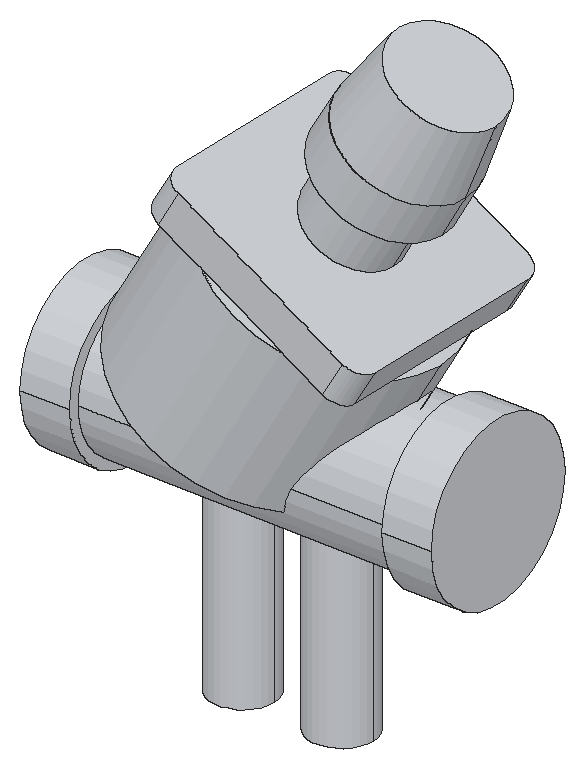
Revit family "OPTIMA_Compact_Plus_MM_DN25_5,5_RFA_2018", category Pipe Accessories, Revit 2018
Family settings
  Round Connector Dimension = Use Diameter
  Part Type = Valve - Breaks Into
  Work Plane-Based = No
  Always vertical = Yes
  Cut with Voids When Loaded = No
  Shared = No
Parameters (values of type "OPTIMA Compact Plus DN25 M-M 5.5mm")
  magiProductId = "30c02b6104a34c7a9c49bd2b7417bc"
  magiProductFamilyId = "3f7bf62c6d3e4202b9bf465282540d"
  magiPartTypeId = 304
  isMeasuringValve [instance] = no
  ang2D [instance] = 0.00°
  Z = 0 mm
  X = 13 mm
  W2D = 32 mm
  VersionID = "2.0/2018.8.28.1/FRESE_OPTIMA-COMPACT-MM_001"
  Use Minimum Symbol Size [instance] = yes
  URL = "www.hydronic.cz"
  Type Comments = "vnější závit; PN25; 0~120°C, s měřením"
  R9 = 8 mm
  R8 = 14 mm
  R7 = 17 mm
  R6 = 12 mm
  R5 = 5 mm
  R4 = 29 mm
  R3 = 31.5 mm
  R2 = 18.5 mm
  R1 = 21 mm
  QmdConnectorList = "301;D;302;D"
  Productdata [instance] = ""
  PLG0 = yes
  Manufacturer = "Hydronic Systems Prague s.r.o."
  MC Product Code = "53-1332  (5/4\" M-M; 5.5mm; Qmin-dpmin 600l/h-17.3kPa; Qmax-dpmin 3609l/h-23.0kPa; dpmax 800kPa)"
  MC Piping Given Pressure Drop [instance] = 0.0 Pa
  LL = 52 mm
  L3 = 12.5 mm
  L2D_Min = 3048 mm
  L2D = 104 mm
  L2 = 79.04 mm
  L1__ve = -L1  # -12.48 mm
  L1 = 12.48 mm
  H6__ve = -H6  # -63 mm
  H6 = 63 mm
  H5 = 20 mm
  H4 = 12 mm
  H3 = 16 mm
  H2 = 10 mm
  H1 = 43 mm
  Description = "Tlakově nezávislý 2-cestný regulační vyvažovací ventil (PICV)"
  D = 25 mm
  A = 30.00°
Types (8, lengths in mm): name | magiProductId | Z | X | R4 | R3 | R2 | R1 | MC Product Code | LL | L3 | L2 | L1__ve | L1 | H6__ve | H6 | H5 | H3 | H2 | H1 | D
  OPTIMA Compact Plus DN32 M-M 5.5mm | "ffa5e363716249e69711c5a01860df" | 1 | 13 | 29 | 31.5 | 22 | 24 | "53-1333  (6/4\" M-M; 5.5mm; Qmin-dpmin 550l/h-17.9kPa; Qmax-dpmin 4001l/h-28.0kPa; dpmax 800kPa)" | 52 | 12.5 | 79.04 | -12.48 | 12.48 | -66 | 66 | 20 | 16 | 10 | 46 | 32
  OPTIMA Compact Plus DN15 M-M 2.5mm | "744f5c1a8b784a0caf7e95e8856504" | 0 | 7 | 19 | 19 | 12 | 13 | "53-1324  (3/4\" M-M; 2.5mm; Qmin-dpmin 100l/h-14.9kPa; Qmax-dpmin 575l/h-18.5kPa; dpmax 800kPa)" | 32.5 | 11 | 49.4 | -7.8 | 7.8 | -55 | 55 | 20 | 18 | 8 | 26 | 15
  OPTIMA Compact Plus DN15 M-M 5.0mm | "cc68fe6008154c3392e26a3dfeb2d1" | 0 | 7 | 19 | 19 | 12 | 13 | "53-1325  (3/4\" M-M; 5.0mm; Qmin-dpmin 220l/h-16.0kPa; Qmax-dpmin 1330l/h-21.6kPa; dpmax 800kPa)" | 32.5 | 11 | 49.4 | -7.8 | 7.8 | -55 | 55 | 20 | 18 | 8 | 26 | 15
  OPTIMA Compact Plus DN20 M-M 5.0mm | "af4b706c92c34122b2cf0a056ee45d" | 0 | 10 | 19 | 19 | 13.5 | 16.5 | "53-1328  (1\" M-M; 5.0mm; Qmin-dpmin 220l/h-16.0kPa; Qmax-dpmin 1330l/h-21.6kPa; dpmax 800kPa)" | 35 | 11 | 53.2 | -8.4 | 8.4 | -58.5 | 58.5 | 20 | 18 | 8 | 26 | 20
  OPTIMA Compact Plus DN20 M-M 5.5mm | "3e0f5dc7d8ae4d97894bd6f679fd3a" | 0 | 10 | 19 | 19 | 13.5 | 16.5 | "53-1331  (1\" M-M; 5.5mm; Qmin-dpmin 300l/h-17.8kPa; Qmax-dpmin 1800l/h-40.0kPa; dpmax 800kPa)" | 35 | 11 | 53.2 | -8.4 | 8.4 | -58.5 | 58.5 | 20 | 18 | 8 | 26 | 20
  OPTIMA Compact Plus DN25 M-M 5.5mm | "30c02b6104a34c7a9c49bd2b7417bc" | 0 | 13 | 29 | 31.5 | 18.5 | 21 | "53-1332  (5/4\" M-M; 5.5mm; Qmin-dpmin 600l/h-17.3kPa; Qmax-dpmin 3609l/h-23.0kPa; dpmax 800kPa)" | 52 | 12.5 | 79.04 | -12.48 | 12.48 | -63 | 63 | 20 | 16 | 10 | 43 | 25
  OPTIMA Compact Plus DN10 M-M 2.5mm | "273b30465bdd4e038d4ed21de5046f" | 0 | 7 | 19 | 19 | 9 | 10.5 | "53-1320  (1/2\" M-M; 2.5mm; Qmin-dpmin 30l/h-14.3kPa; Qmax-dpmin 200l/h-15.8kPa; dpmax 800kPa)" | 32.5 | 11 | 49.4 | -7.8 | 7.8 | -52.5 | 52.5 | 17 | 18 | 8 | 30 | 10
  OPTIMA Compact Plus DN10 M-M 5.0mm | "05e83065d4b14c0ea9b5a56fcd5d4f" | 0 | 7 | 19 | 19 | 9 | 10.5 | "53-1329  (1/2\" M-M; 5.0mm; Qmin-dpmin 65l/h-14.6kPa; Qmax-dpmin 370l/h-17.2kPa; dpmax 800kPa)" | 32.5 | 11 | 49.4 | -7.8 | 7.8 | -52.5 | 52.5 | 17 | 18 | 8 | 30 | 10
Reference planes
  plane 1 "Center (Front/Back)": y = 0
  plane 2 "XYPLANE": z = 0
  plane 3 "Center (Left/Right)": x = 0
  plane 4 "267": x = 12.5
  plane 5 "266": x = -12.5
  plane 6 "252": through (-599.019, 0, 462.469) normal (0.5, 0, 0.866)
  plane 7 "250": through (-609.019, 0, 445.148) normal (0.5, 0, 0.866)
  plane 8 "248": through (-615.019, 0, 434.756) normal (0.5, 0, 0.866)
  plane 9 "245": through (-623.019, 0, 420.899) normal (0.5, 0, 0.866)
  plane 10 "241": through (338.627, 0, 670.519) normal (0.866, 0, -0.5)
  plane 11 "240": through (388.856, 0, 641.519) normal (0.866, 0, -0.5)
  plane 12 "239": y = -29
  plane 13 "238": y = 29
  plane 14 "237": through (-628.019, 0, 412.239) normal (0.5, 0, 0.866)
  plane 15 "235": through (-649.519, 0, 375) normal (0.5, 0, 0.866)
  plane 16 "231": y = 0
  plane 17 "230": through (363.742, 0, 656.019) normal (0.866, 0, -0.5)
  plane 18 "211": x = -39.52
  plane 19 "204": x = 52
  plane 20 "203": x = -52
  plane 21 "202": x = 0
  plane 22 "201": z = 0
  plane 23 "200": y = 0
  plane 24 "227XY": through (-649.519, 0, 375) normal (0.5, 0, 0.866)
  plane 25 "227XZ": y = 0
  plane 26 "227YZ": through (375, 0, 649.519) normal (0.866, 0, -0.5)
Forms (mm)
  Extrusion 1, solid, visible <- "PLG0"
    sketch origin (-750, 0, 0) x (1, 0, 0) y (0, 1, 0)
      loop
        circle (762.5, 0) r 8
    from 0 to -63 <- "H6__ve"
  Extrusion 2, solid, visible <- "PLG0"
    sketch origin (-750, 0, 0) x (1, 0, 0) y (0, 1, 0)
      loop
        circle (737.5, 0) r 8
    from 0 to -63 <- "H6__ve"
  Blend 3, solid
    base sketch origin (-609.019, 0, 445.148) x (0.866025, 0, -0.5) y (0, 1, 0)
      loop
        circle (737, 0) r 17
    top sketch origin (-609.019, 0, 445.148) x (0.866025, 0, -0.5) y (0, 1, 0)
      loop
        circle (737, 0) r 14
    from 0 to 20
  Extrusion 4, solid
    sketch origin (-615.019, 0, 434.756) x (0.866025, 0, -0.5) y (0, 1, 0)
      loop
        circle (737, 0) r 17
    from 0 to 12 <- "H4"
  Extrusion 5, solid
    sketch origin (-623.019, 0, 420.899) x (0.866025, 0, -0.5) y (0, 1, 0)
      loop
        circle (737, 0) r 12
    from 0 to 16 <- "H3"
  Extrusion 6, solid
    sketch origin (-628.019, 0, 412.239) x (0.866025, 0, -0.5) y (0, 1, 0)
      loop
        arc (713, 29) -> (709.464, 27.536) -> (708, 24) r 5
        line (708, 24) -> (708, -24)
        arc (708, -24) -> (709.464, -27.536) -> (713, -29) r 5
        line (713, -29) -> (761, -29)
        arc (761, -29) -> (764.536, -27.536) -> (766, -24) r 5
        line (766, -24) -> (766, 24)
        arc (766, 24) -> (764.536, 27.536) -> (761, 29) r 5
        line (761, 29) -> (713, 29)
    from 0 to 10 <- "H2"
  Extrusion 7, solid
    sketch origin (-649.519, 0, 375) x (0.866025, 0, -0.5) y (0, 1, 0)
      loop
        circle (737, 0) r 31.5
    from 0 to 43 <- "H1"
  Extrusion 8, solid
    sketch origin (-39.52, -750, 0) x (0, 1, 0) y (0, 0, 1)
      loop
        circle (750, 0) r 18.5
    from 0 to 79.04 <- "L2"
  Extrusion 9, solid
    sketch origin (52, -750, 0) x (0, 1, 0) y (0, 0, 1)
      loop
        circle (750, 0) r 21
    from 0 to -12.48 <- "L1__ve"
  Extrusion 10, solid
    sketch origin (-52, -750, 0) x (0, 1, 0) y (0, 0, 1)
      loop
        circle (750, 0) r 21
    from 0 to 12.48 <- "L1"
  Extrusion 11, solid, not visible
    sketch origin (52, -750, 0) x (0, 1, 0) y (0, 0, 1)
      loop
        circle (750, 0) r 10
    from 0 to -10
  Extrusion 12, solid, not visible
    sketch origin (-52, -750, 0) x (0, 1, 0) y (0, 0, 1)
      loop
        circle (750, 0) r 10
    from 0 to 10
Lines and regions (mm)
  reference lines, not visible
    curve 1: circle (2, 2, 0) r 1 normal (0, 0, 1)
Text (mm)
  text "© Progman Oy, all rights reserved" at (-472.209, -2482.653, 0), in view "Ref. Level"
Dimensions and locks
  plane 1 "Center (Front/Back)" to curve 1 = 2 mm
  "L3": plane 3 "Center (Left/Right)" to plane 4 "267"
  "L3": plane 3 "Center (Left/Right)" to plane 5 "266"
  "H5": plane 7 "250" to plane 6 "252"
  "H4": plane 8 "248" to plane 7 "250"
  "H3": plane 9 "245" to plane 8 "248"
  "H2": plane 14 "237" to plane 9 "245"
  "R4": plane 17 "230" to plane 10 "241"
  "R4": plane 17 "230" to plane 11 "240"
  "R4": plane 23 "200" to plane 12 "239"
  "R4": plane 23 "200" to plane 13 "238"
  "H1": plane 15 "235" to plane 14 "237"
  "Z": plane 24 "227XY" to plane 15 "235"
  locked: plane 23 "200" to plane 16 "231"
  "X": plane 26 "227YZ" to plane 17 "230"
  "L1": plane 20 "203" to plane 18 "211"
  "LL": plane 3 "Center (Left/Right)" to plane 19 "204"
  "LL": plane 3 "Center (Left/Right)" to plane 20 "203"
  locked: plane 3 "Center (Left/Right)" to plane 21 "202"
  locked: plane 2 "XYPLANE" to plane 22 "201"
  locked: plane 1 "Center (Front/Back)" to plane 23 "200"
  Extrusion 6 sketch curve to Extrusion 6 sketch curve = 0 mm  (x16)
  "R9": radius of Extrusion 1 sketch curve
  "R9": radius of Extrusion 2 sketch curve
  "R8": radius of Blend 3 sketch curve
  "R7": radius of Blend 3 sketch curve
  "R7": radius of Extrusion 4 sketch curve
  "R6": radius of Extrusion 5 sketch curve
  "R5": radius of Extrusion 6 sketch curve  (x4)
  "R3": radius of Extrusion 7 sketch curve
  "R2": radius of Extrusion 8 sketch curve
  "R1": radius of Extrusion 9 sketch curve
  "R1": radius of Extrusion 10 sketch curve
  aligned and locked: level to plane 2 "XYPLANE"
  aligned and locked: plane 4 "267" to Extrusion 1 sketch curve
  aligned and locked: plane 23 "200" to Extrusion 1 sketch curve
  aligned and locked: plane 5 "266" to Extrusion 2 sketch curve
  aligned and locked: plane 23 "200" to Extrusion 2 sketch curve
  aligned and locked: plane 16 "231" to Blend 3 sketch curve  (x2)
  aligned and locked: Blend 3 sketch curve to plane 17 "230"  (x2)
  aligned and locked: plane 6 "252" to Blend 3
  aligned and locked: plane 16 "231" to Extrusion 4 sketch curve
  aligned and locked: Extrusion 4 sketch curve to plane 17 "230"
  aligned and locked: plane 16 "231" to Extrusion 5 sketch curve
  aligned and locked: Extrusion 5 sketch curve to plane 17 "230"
  aligned and locked: Extrusion 6 sketch curve to plane 10 "241"
  aligned and locked: Extrusion 6 sketch curve to plane 12 "239"
  aligned and locked: Extrusion 6 sketch curve to plane 11 "240"
  aligned and locked: plane 13 "238" to Extrusion 6 sketch curve
  aligned and locked: plane 16 "231" to Extrusion 7 sketch curve
  aligned and locked: Extrusion 7 sketch curve to plane 17 "230"
  aligned and locked: plane 22 "201" to Extrusion 8 sketch curve
  aligned and locked: Extrusion 8 sketch curve to plane 23 "200"
  aligned and locked: plane 22 "201" to Extrusion 9 sketch curve
  aligned and locked: Extrusion 9 sketch curve to plane 23 "200"
  aligned and locked: plane 22 "201" to Extrusion 10 sketch curve
  aligned and locked: Extrusion 10 sketch curve to plane 23 "200"
  aligned and locked: plane 22 "201" to Extrusion 11 sketch curve
  aligned and locked: Extrusion 11 sketch curve to plane 23 "200"
  aligned and locked: plane 22 "201" to Extrusion 12 sketch curve
  aligned and locked: Extrusion 12 sketch curve to plane 23 "200"
Automatic sketch dimensions
  plane 1 "Center (Front/Back)" to Extrusion 11 sketch curve = 10 mm
  plane 1 "Center (Front/Back)" to Extrusion 12 sketch curve = 10 mm
  plane 3 "Center (Left/Right)" to curve 1 = 2 mm
  radius of curve 1 = 1 mm
Connectors
  piping at (-52, 0, 0), diameter 25, driven by "D"
    settings: on Extrusion 12, index 1, connector inside diameter 609.6 mm, connector length 0 mm, flow factor 0, pipe flow 0.0 L/s, pressure drop 0.0 Pa, fitting loss kfactor 0, connector angle 0.00°, fixture units 0, engagement length 0 mm, angle of deflection 0.00°, flow configuration 0, flow direction 0, fitting loss method 0, system type 29, joint type 0, gender type 0, connector reference index 2, connector utility 0, adjustable connector no, is connector primary yes, connector description ""
  piping at (52, 0, 0), diameter 25, driven by "D"
    settings: on Extrusion 11, index 2, connector inside diameter 609.6 mm, connector length 0 mm, flow factor 0, pipe flow 0.0 L/s, pressure drop 0.0 Pa, fitting loss kfactor 0, connector angle 0.00°, fixture units 0, engagement length 0 mm, angle of deflection 0.00°, flow configuration 0, flow direction 0, fitting loss method 0, system type 29, joint type 0, gender type 0, connector reference index 1, connector utility 0, adjustable connector no, is connector primary no, connector description ""
